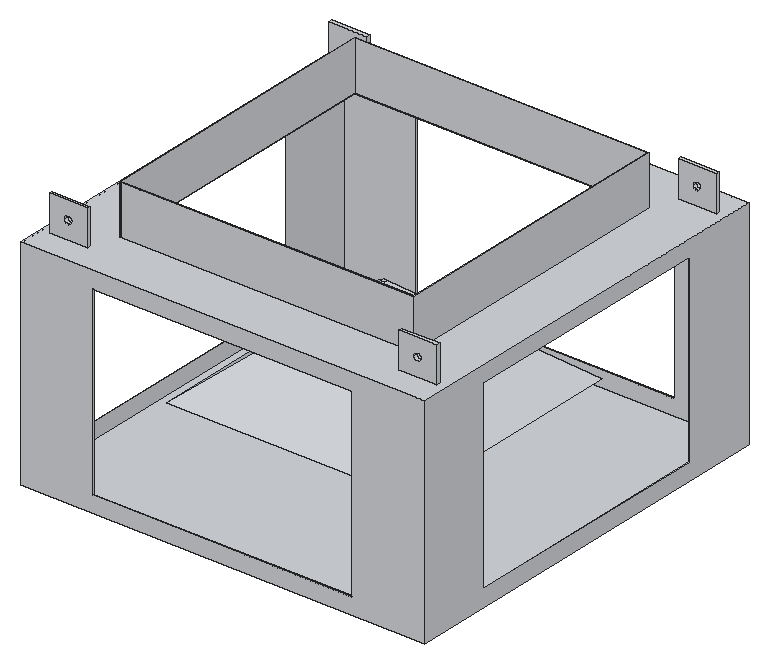
Revit family "28101_MVP-4", category Air Terminals, Revit 2012
Parameters (values of type "5,000 CFM")
  Visible_Texto = not(or(and(AirFlow > 7500 CFM, AirFlow < 4000 CFM), AirFlow = 4000 CFM, AirFlow = 5000 CFM, AirFlow = 7500 CFM))  # no
  URL = "https://www.innes.com.mx"
  Type Comments = "4 Salidas con Difusores RFI"
  Tipo de Cuello = "Cuadrado"
  Tamaño de Difusor = "21\"x15\""
  Posición de Instalación = "Techo"
  Nota1 = if(AirFlow < 4000 CFM, "La Capacidad requerida está por debajo del mínimo", if(AirFlow > 7500 CFM, "La Capacidad requerida excede el valor máximo", if(not(or(AirFlow = 4000 CFM, AirFlow = 5000 CFM, AirFlow = 7500 CFM)), "Capacidad no disponible, seleccione de la lista desplegable", ".")))  # "."
  Model = "MVP-4"
  Material del Módulo = "Acero"
  Manufacturer = "INNES"
  Función = "Inyección"
  Description = "Módulo de Ventilación"
  Cuello Mín-Máx. Cuadrado = "24\" y 28\""
  Conec1 = if(or(AirFlow < 4000 CFM, AirFlow = 4000 CFM), 23.8750", if(or(and(AirFlow > 4000 CFM, AirFlow < 5000 CFM), AirFlow = 5000 CFM), 23.8750", if(AirFlow > 5000 CFM, 27.8750", 23.8750")))  # 23.8750"
  AirFlow_Real = if(or(AirFlow < 4000 CFM, AirFlow = 4000 CFM), 4000 CFM, if(or(and(AirFlow > 4000 CFM, AirFlow < 5000 CFM), AirFlow = 5000 CFM), 5000 CFM, if(AirFlow > 5000 CFM, 7500 CFM, 4000 CFM)))  # 5000 CFM
  AirFlow = 5000 CFM
Types (4): name | Conec1 | AirFlow_Real | AirFlow
  (no name) | 23.8750" | 5000 CFM | 5000 CFM
  4,000 CFM | 23.8750" | 4000 CFM | 4000 CFM
  5,000 CFM | 23.8750" | 5000 CFM | 5000 CFM
  7,500 CFM | 27.8750" | 7500 CFM | 7500 CFM
Reference planes (in)
  plane 1 "Center (Front/Back)": y = 0
  plane 2: z = 0
  plane 3 "Center (Left/Right)": x = 0
  plane 4 "conector": z = 21.67
Nested families (in)
  nested 1: "MVP-4" at (0, 0, 0), type "4,000 CFM"
    with AirFlowReal 5000 CFM
  nested 2: "Texto" at (-10.47046, -8.94586, 0), type "texto"
    with Visible_Texto no
Connectors (in)
  hvac at (0, 0, 21.67), driven by "Conec1", driven by "Conec1"
    settings: index 1, duct flow 0 CFM, flow factor 0, pres drop 0.0 Pa, loss coef 0, conn angle 0.00°, conn width 606.425 mm, conn height 606.425 mm, conn radius 304.8 mm, duct sys type 1, conn prof type 1, flow config 0, flow direction 0, loss method 0, conn ref index -1, conn util no, is conn primary yes, conn desc ""
Definition of nested family "MVP-4"
  Parameters (values of type "7,500 CFM")
    Cuello_C = if(AirFlowReal = 7500 CFM, 27.8750", if(or(AirFlowReal = 5000 CFM, AirFlowReal = 4000 CFM), 23.8750", 23.8750"))  # 27.8750"
    Cota_B = if(AirFlowReal = 7500 CFM, 36.8600", if(or(AirFlowReal = 5000 CFM, AirFlowReal = 4000 CFM), 32.8600", 32.8600"))  # 36.8600"
    Cota_A = Cota_B  # 36.8600"
    Ancho_Rejilla = if(or(AirFlowReal = 7500 CFM, AirFlowReal = 5000 CFM, AirFlowReal = 4000 CFM), 21.0000", 21.0000")  # 21.0000"
    Altura = if(or(AirFlowReal = 7500 CFM, AirFlowReal = 5000 CFM, AirFlowReal = 4000 CFM), 17.6700", 17.6700")  # 17.6700"
    Alto_Rejilla = if(or(AirFlowReal = 7500 CFM, AirFlowReal = 5000 CFM, AirFlowReal = 4000 CFM), 15.0000", 15.0000")  # 15.0000"
    AirFlowReal = 7500 CFM
  Types (4): name | Cuello_C | Cota_B | Cota_A | AirFlowReal
    (no name) | 27.8750" | 36.8600" | 36.8600" | 7500 CFM
    7,500 CFM | 27.8750" | 36.8600" | 36.8600" | 7500 CFM
    4,000 CFM | 23.8750" | 32.8600" | 32.8600" | 4000 CFM
    5,000 CFM | 23.8750" | 32.8600" | 32.8600" | 4000 CFM
  Reference planes (in)
    plane 1 "Center (Front/Back)": y = 0
    plane 2: z = 0
    plane 3 "Center (Left/Right)": x = 0
    plane 4: x = -17.74
    plane 5: y = -16.31
    plane 6: z = 8.835
    plane 7: z = 17.67
    plane 8: x = -13.9375
    plane 9: x = 13.9375
    plane 10: y = 13.9375
    plane 11: y = -13.9375
    plane 12: x = 10.5
    plane 13: x = -10.5
    plane 14: z = 16.335
    plane 15: z = 1.335
    plane 16: y = -10.5
    plane 17: y = 10.5
    plane 18: z = 19.115
    plane 19: z = 19.115
    plane 20: z = 5.39
    plane 21: y = 11.83
    plane 22: y = -11.83
    plane 23: y = -11.83
    plane 24: x = -11.83
    plane 25: x = 11.83
    plane 26: z = 13.42
    plane 27: x = -18.43
    plane 28: x = 18.43
    plane 29: y = -18.43
    plane 30: y = 18.43
    plane 31: x = 14.19
  Forms (in)
    Extrusion 1, solid
      sketch origin (0, 0, 0) x (1, 0, 0) y (0, 1, 0)
        loop
          line (-18.43, 18.43) -> (-18.43, -18.43) -> (18.43, -18.43) -> (18.43, 18.43) -> (-18.43, 18.43)
      from 0 to 17.67
    Extrusion 2, void
      sketch origin (0, 0, 0) x (1, 0, 0) y (0, 1, 0)
        loop
          line (-18.369, 18.36876) -> (-18.369, -18.3686) -> (18.369, -18.3686) -> (18.369, 18.36876) -> (-18.369, 18.36876)
      from 0.061 to 17.609
    Extrusion 3, solid
      sketch origin (0, 0, 17.67) x (1, 0, 0) y (0, 1, 0)
        loop
          line (-13.9375, 13.9375) -> (-13.9375, -13.9375) -> (13.9375, -13.9375) -> (13.9375, 13.9375) -> (-13.9375, 13.9375)
        loop
          line (-13.8765, 13.8765) -> (-13.8765, -13.8765) -> (13.8765, -13.8765) -> (13.8765, 13.8765) -> (-13.8765, 13.8765)
      from 0 to 4
    Extrusion 4, solid
      sketch origin (0, 0, 17.67) x (1, 0, 0) y (0, 1, 0)
        loop
          line (-17.74, -16.06) -> (-17.74, -16.31) -> (-14.64, -16.31) -> (-14.64, -16.06) -> (-17.74, -16.06)
        loop
          line (17.74, -16.06) -> (14.64, -16.06) -> (14.64, -16.31) -> (17.74, -16.31) -> (17.74, -16.06)
        loop
          line (-17.74, 16.06) -> (-14.64, 16.06) -> (-14.64, 16.31) -> (-17.74, 16.31) -> (-17.74, 16.06)
        loop
          line (17.74, 16.06) -> (17.74, 16.31) -> (14.64, 16.31) -> (14.64, 16.06) -> (17.74, 16.06)
      from 0 to 2.89
    Extrusion 5, void
      sketch origin (18.43, -18.43, 0) x (1, 0, 0) y (0, 0, -1)
        loop
          line (-28.93, -16.335) -> (-7.93, -16.335) -> (-7.93, -1.335) -> (-28.93, -1.335) -> (-28.93, -16.335)
      from -0.061 to 39.22976
    Extrusion 6, void
      sketch origin (0, 0, 17.67) x (0, 1, 0) y (1, 0, 0)
        loop
          line (13.9375, -13.9375) -> (13.9375, 13.9375) -> (-13.9375, 13.9375) -> (-13.9375, -13.9375) -> (13.9375, -13.9375)
      from 0 to 4
    Extrusion 7, void
      sketch origin (0, 0, 0) x (0, 1, 0) y (0, 0, 1)
        loop
          line (-10.5, 16.335) -> (-10.5, 1.335) -> (10.5, 1.335) -> (10.5, 16.335) -> (-10.5, 16.335)
      from 20.59703 to -25.7168
    Extrusion 8, void
      sketch origin (14.64, -16.31, 17.67) x (-1, 0, 0) y (0, 0, 1)
        loop
          circle (30.83, 1.445) r 0.30758
        loop
          circle (-1.55, 1.445) r 0.315
      from 0 to 40
    Extrusion 9, solid
      sketch origin (0, 0, 0) x (1, 0, 0) y (0, 1, 0)
        loop
          line (-1.5, 1.5) -> (-1.5, -1.5) -> (1.5, -1.5) -> (1.5, 1.5) -> (-1.5, 1.5)
        loop
          line (-1.439, 1.439) -> (-1.439, -1.439) -> (1.439, -1.439) -> (1.439, 1.439) -> (-1.439, 1.439)
      from 0.061 to 5.39
    Blend 10, solid
      base sketch origin (0, 0, 5.39) x (1, 0, 0) y (0, 1, 0)
        loop
          line (-11.83, 11.83) -> (-11.83, -11.83) -> (11.83, -11.83) -> (11.83, 11.83) -> (-11.83, 11.83)
      top sketch origin (0, 0, 5.39) x (1, 0, 0) y (0, 1, 0)
        loop
          line (-0.145, 0.145) -> (-0.145, -0.145) -> (0.145, -0.145) -> (0.145, 0.145) -> (-0.145, 0.145)
      from 0 to 8.03
  Cuts and joins
    Extrusion 2, Extrusion 5, Extrusion 6, Extrusion 7 cuts Extrusion 1
    Extrusion 6 cuts Extrusion 3
    Extrusion 8 cuts Extrusion 4
  Dimensions and locks (in)
    cut or joined group of Extrusion 1, Extrusion 2, Extrusion 5, Extrusion 6, Extrusion 7 to plane 5 = 2.1200"
    "Altura": plane 7 to level
    equal spacing: plane 7, plane 6, level
    "Cuello_C": plane 10 to plane 11
    equal spacing: plane 10, plane 1 "Center (Front/Back)", plane 11
    "Ancho_Rejilla": plane 12 to plane 13
    equal spacing: plane 12, plane 3 "Center (Left/Right)", plane 13
    "Alto_Rejilla": plane 14 to plane 15
    equal spacing: plane 14, plane 6, plane 15, locked at 7.5 each
    equal spacing: plane 16, plane 1 "Center (Front/Back)", plane 17
    "Ancho_Rejilla": plane 16 to plane 17
    locked: plane 20 to level at 5.39
    locked: plane 23 to plane 11 at 2.1075
    locked: plane 10 to plane 21 at 2.1075
    locked: plane 8 to plane 24 at 2.1075
    locked: plane 25 to plane 9 at 2.1075
    "Cuello_C": plane 8 to plane 9
    equal spacing: plane 8, plane 3 "Center (Left/Right)", plane 9
    equal spacing: Extrusion 9, plane 3 "Center (Left/Right)", Extrusion 9, locked at 1.5 each
    equal spacing: Extrusion 9, plane 1 "Center (Front/Back)", Extrusion 9, locked at 1.5 each
    locked: plane 26 to level at 13.42
    locked: cut or joined group of Extrusion 1, Extrusion 2, Extrusion 5, Extrusion 6, Extrusion 7 to plane 28 at 0.061
    locked: plane 10 to cut or joined group of Extrusion 3, Extrusion 6 at 0.061
    "Cota_A": plane 27 to plane 28
    equal spacing: plane 27, plane 3 "Center (Left/Right)", plane 28
    "Cota_B": plane 30 to plane 29
    equal spacing: plane 30, plane 1 "Center (Front/Back)", plane 29
    locked: plane 27 to cut or joined group of Extrusion 1, Extrusion 2, Extrusion 5, Extrusion 6, Extrusion 7 at 0.061
    locked: cut or joined group of Extrusion 4, Extrusion 8 to Extrusion 8 sketch curve at 1.55
    aligned and locked: plane 7 to cut or joined group of Extrusion 1, Extrusion 2, Extrusion 5, Extrusion 6, Extrusion 7
    aligned and locked: Extrusion 3 to plane 9
    aligned and locked: plane 8 to Extrusion 3
    aligned and locked: plane 10 to Extrusion 3
    aligned and locked: Extrusion 3 to plane 11
    aligned and locked: plane 12 to cut or joined group of Extrusion 1, Extrusion 2, Extrusion 5, Extrusion 6, Extrusion 7
    aligned and locked: cut or joined group of Extrusion 1, Extrusion 2, Extrusion 5, Extrusion 6, Extrusion 7 to plane 14
    aligned and locked: plane 15 to cut or joined group of Extrusion 1, Extrusion 2, Extrusion 5, Extrusion 6, Extrusion 7
    aligned and locked: Extrusion 3 to plane 7
    aligned and locked: cut or joined group of Extrusion 1, Extrusion 2, Extrusion 5, Extrusion 6, Extrusion 7 to level
    aligned and locked: Extrusion 6 sketch curve to Extrusion 3
    aligned and locked: plane 14 to Extrusion 7 sketch curve
    aligned and locked: plane 16 to Extrusion 7 sketch curve
    aligned and locked: Extrusion 7 sketch curve to plane 15
    aligned and locked: Extrusion 7 sketch curve to plane 17
    aligned and locked: plane 20 to Extrusion 9
    aligned and locked: plane 21 to Blend 10
    aligned and locked: plane 22 to Blend 10
    aligned and locked: plane 22 to plane 23
    aligned and locked: plane 24 to Blend 10
    aligned and locked: plane 25 to Blend 10
    aligned and locked: plane 26 to Blend 10
    aligned and locked: Blend 10 to plane 26
    aligned and locked: Extrusion 3 sketch curve to plane 8
    aligned and locked: Extrusion 3 sketch curve to plane 10
    aligned and locked: plane 9 to Extrusion 3 sketch curve
    aligned and locked: plane 11 to Extrusion 3 sketch curve
    aligned and locked: Extrusion 6 sketch curve to plane 8
    aligned and locked: Extrusion 6 sketch curve to plane 10
    aligned and locked: plane 11 to Extrusion 6 sketch curve
    aligned and locked: cut or joined group of Extrusion 3, Extrusion 6 to Extrusion 6
    aligned and locked: Extrusion 1 sketch curve to plane 30
    aligned and locked: Extrusion 1 sketch curve to plane 27
    aligned and locked: plane 28 to Extrusion 1 sketch curve
    aligned and locked: plane 29 to Extrusion 1 sketch curve
    aligned and locked: plane 13 to cut or joined group of Extrusion 1, Extrusion 2, Extrusion 5, Extrusion 6, Extrusion 7
  Automatic sketch dimensions
    Extrusion 3 sketch curve to Extrusion 3 sketch curve = 0.0610"  (x4)
    Extrusion 4 sketch curve to Extrusion 1 = 0.6900"  (x4)
    Extrusion 4 sketch curve to Extrusion 4 sketch curve = 3.1000"  (x2)
    Extrusion 4 sketch curve to Extrusion 1 = 3.7900"  (x2)
    Extrusion 4 sketch curve to Extrusion 1 = 2.1200"  (x2)
    Extrusion 4 sketch curve to Extrusion 4 sketch curve = 0.2500"  (x4)
    Extrusion 4 sketch curve to Extrusion 1 = 2.3700"  (x2)
    Extrusion 5 sketch curve to Extrusion 1 = 7.9300"
    Extrusion 5 sketch curve to Extrusion 1 = 1.3350"  (x2)
    Extrusion 1 to Extrusion 5 sketch curve = 7.9300"
    plane 13 to Extrusion 9 sketch curve = 9.0000"
    Extrusion 9 sketch curve to Extrusion 9 sketch curve = 0.0610"  (x4)
    Extrusion 9 sketch curve to Extrusion 9 sketch curve = 2.8780"  (x2)
    plane 1 "Center (Front/Back)" to Extrusion 9 sketch curve = 1.5000"
    Extrusion 9 to Blend 10 sketch curve = 10.3300"  (x4)
    Extrusion 9 to Blend 10 sketch curve = 1.2940"  (x4)
    Extrusion 2 sketch curve to plane 27 = 0.0610"
    plane 28 to Extrusion 2 sketch curve = 0.0610"
    plane 29 to Extrusion 2 sketch curve = 0.0614"
    Extrusion 2 sketch curve to plane 30 = 0.06124"
    Extrusion 8 sketch curve to Extrusion 4 = 1.5500"
    Extrusion 8 sketch curve to Extrusion 4 = 1.4450"  (x2)
    radius of Extrusion 8 sketch curve = 0.30758"
    radius of Extrusion 8 sketch curve = 0.3150"
Definition of nested family "Texto"
  Parameters (values of type "texto")
    texto = "Caudal no Válido"
    Visible_Texto = yes
    Color = rojo
  Reference planes (in)
    plane 1 "Center (Front/Back)": y = 0
    plane 2: z = 0
    plane 3 "Center (Left/Right)": x = 0
